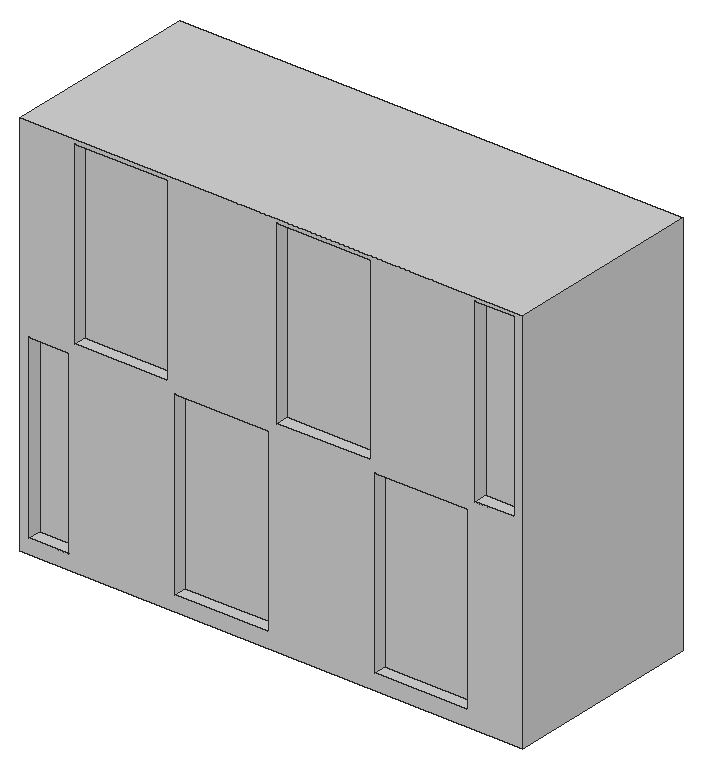
Revit family "SA 6H5W", category Mechanical Equipment, Revit 2019
Family settings
  Round Connector Dimension = Use Diameter
  Part Type = Normal
  OmniClass Number = 23.75.00.00
  OmniClass Title = Climate Control (HVAC)
  Work Plane-Based = No
  Always vertical = Yes
  Cut with Voids When Loaded = No
  Shared = No
  Room Calculation Point = No
Parameters (values of type "6H4W SA")
  Width = 5' - 4 1/2"
  Weight (lbs.) = "3435"
  URL = "www.renewaire.com"
  Model = "6H5W SA"
  Manufacturer = "Renewaire LLC"
  Length = 13' - 6 7/8"
  Housing = Metal - RenewAire - Anodized - Gray Text
  Height = 10' - 5 1/2"
  Description = "Energy Recovery Ventilator"
  Cores (L125-G5) = "30"
  Airflow Range (CFM) = "7,500-33,000"
Reference planes (in)
  plane 1 "Center (Front/Back)": y = 0
  plane 2: z = 0
  plane 3 "Center (Left/Right)": x = 0
Forms (in)
  Extrusion 1, solid, material "Metal - RenewAire - Anodized - Gray Text" <- "Housing"
    sketch origin (0, -16.07731, 0) x (0, 1, 0) y (0, 0, 1)
      loop
        line (32.26413, 145.375) -> (-32.26413, 145.375) -> (-32.26413, 19.875) -> (32.26413, 19.875) -> (32.26413, 145.375)
    from 0 to 162.875
  Extrusion 2, void
    sketch origin (0.62375, -14.11828, 19.48574) x (1, 0, 0) y (0, 0, 1)
      loop
        line (2.375, 63.5) -> (2.375, 5.25) -> (15.17072, 5.25) -> (15.17072, 63.5) -> (2.375, 63.5)
      loop
        line (49.50854, 63.5) -> (49.50854, 5.25) -> (79.83716, 5.25) -> (79.83716, 63.5) -> (49.50854, 63.5)
      loop
        line (47.32983, 124.75) -> (17.00122, 124.75) -> (17.00122, 66.5) -> (47.32983, 66.5) -> (47.32983, 124.75)
      loop
        line (82.52479, 124.75) -> (82.52479, 66.5) -> (112.77479, 66.5) -> (112.77479, 124.75) -> (82.52479, 124.75)
      loop
        line (114.17072, 63.5) -> (114.17072, 5.25) -> (144.42072, 5.25) -> (144.42072, 63.5) -> (114.17072, 63.5)
      loop
        line (146.67096, 124.75) -> (146.67096, 66.5) -> (159.46667, 66.5) -> (159.46667, 124.75) -> (146.67096, 124.75)
    from 30 to 38.22316
  Extrusion 3, void
    sketch origin (-0.12625, 49.88172, -1.18675) x (1, 0, 0) y (0, 0, 1)
      loop
        line (3.17072, 84.13013) -> (3.17072, 25.88013) -> (15.96643, 25.88013) -> (15.96643, 84.13013) -> (3.17072, 84.13013)
      loop
        line (50.30426, 84.13013) -> (50.30426, 25.88013) -> (80.63287, 25.88013) -> (80.63287, 84.13013) -> (50.30426, 84.13013)
      loop
        line (48.12555, 145.375) -> (17.79694, 145.375) -> (17.79694, 87.13013) -> (48.12555, 87.13013) -> (48.12555, 145.375)
      loop
        line (83.32051, 145.31611) -> (83.32051, 87.13013) -> (113.52479, 87.13013) -> (113.52479, 145.31611) -> (83.32051, 145.31611)
      loop
        line (145.17072, 84.17249) -> (114.92072, 84.17249) -> (114.92072, 25.92249) -> (145.17072, 25.92249) -> (145.17072, 84.17249)
      loop
        line (160.21667, 145.42249) -> (147.42096, 145.42249) -> (147.42096, 87.17249) -> (160.21667, 87.17249) -> (160.21667, 145.42249)
    from 30 to 38.22316
Cuts and joins
  Extrusion 2, Extrusion 3 cuts Extrusion 1
Dimensions and locks (in)
  aligned and locked: level to plane 2
